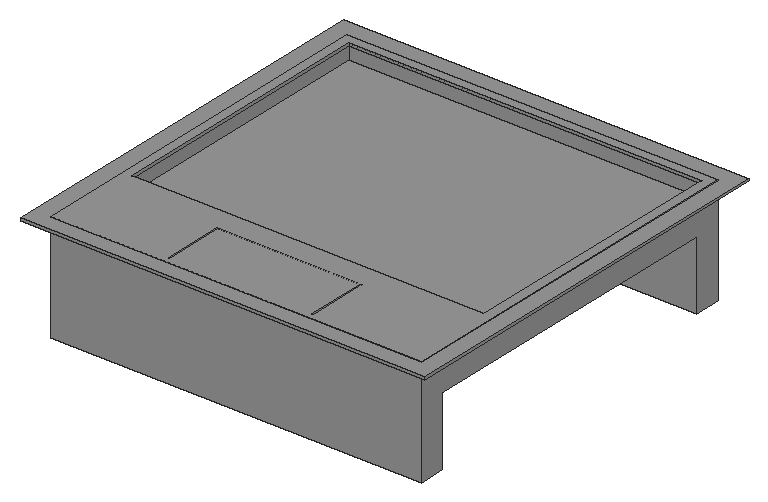
Revit family "Geräteeinsätze GES_Geräteeinsatz_GES9M-2_mit_Griffbügel", category Generic Models, Revit 2015
Parameters (values of type "GES9M-2 10U")
  Width 2 = 242.5 mm
  Width = 265 mm
  URL = "http://www.obo-bettermann.com"
  Snur width = 93 mm
  Material = Stainless Steel, Brushed
  Manufacturer Art. No. = "7405371"
  Manufacturer = "OBO Bettermann"
  Inner cut2 = 17 mm
  Inner cut = 17 mm
  Height = 69.5 mm
  GTIN = "4012196028740"
  Article Type = "GES9M2-10U"
Reference planes
  plane 1 "Center (Front/Back)": y = 0
  plane 2: z = 0
  plane 3 "Center (Left/Right)": x = 0
  plane 4: z = -69.5
  plane 5: x = -132.5
  plane 6: x = 132.5
  plane 7: y = 132.5
  plane 8: y = -132.5
  plane 9: z = 1.5
  plane 10: y = 121.25
  plane 11: y = -121.25
  plane 12: x = -121.25
  plane 13: x = 121.25
  plane 14: y = -62.5
  plane 15: y = 115.5
  plane 16: x = -115.5
  plane 17: x = 115.5
  plane 18: z = -8.5
  plane 19: x = -132.5
  plane 20: x = 132.5
  plane 21: y = -104.25
  plane 22: y = 104.25
  plane 23: z = -24.5
  plane 24: x = -46.5
  plane 25: x = 46.5
  plane 26: y = -78.5
  plane 27: x = -47.5
  plane 28: x = 47.5
  plane 29: y = -117.5
  plane 30: y = -77.5
  plane 31: y = -78.5
Forms (mm)
  Extrusion 1, solid, material "Stainless Steel, Brushed" <- "Material"
    sketch origin (0, 0, 0) x (1, 0, 0) y (0, 1, 0)
      loop
        line (-132.5, 132.5) -> (-132.5, -132.5) -> (132.5, -132.5) -> (132.5, 132.5) -> (-132.5, 132.5)
    from 1.5 to 0
  Extrusion 2, solid, material "Stainless Steel, Brushed" <- "Material"
    sketch origin (0, 0, 0) x (1, 0, 0) y (0, 1, 0)
      loop
        line (-121.25, 121.25) -> (-121.25, -121.25) -> (121.25, -121.25) -> (121.25, 121.25) -> (-121.25, 121.25)
    from -69.5 to 1.5
  Extrusion 3, void
    sketch origin (0, 0, 0) x (1, 0, 0) y (0, 1, 0)
      loop
        line (-115.5, 115.5) -> (-115.5, -62.5) -> (115.5, -62.5) -> (115.5, 115.5) -> (-115.5, 115.5)
    from -8.5 to 1.5
  Extrusion 4, void
    sketch origin (0, 0, 0) x (1, 0, 0) y (0, 1, 0)
      loop
        line (132.5, 104.25) -> (-132.5, 104.25) -> (-132.5, -104.25) -> (132.5, -104.25) -> (132.5, 104.25)
    from -69.5 to -24.5
  Extrusion 5, void
    sketch origin (0, 0, 0) x (1, 0, 0) y (0, 1, 0)
      loop
        line (-47.5, -77.5) -> (-47.5, -117.5) -> (-46.5, -117.5) -> (-46.5, -78.5) -> (46.5, -78.5) -> (46.5, -117.5) -> (47.5, -117.5) -> (47.5, -77.5) -> (-47.5, -77.5)
    from -24.5 to 1.5
Cuts and joins
  Extrusion 3, Extrusion 4, Extrusion 5 cuts Extrusion 1
  Extrusion 3, Extrusion 4, Extrusion 5 cuts Extrusion 2
Lines and regions (mm)
  model lines
    curve 1: line (-132.5, -132.5, 0) -> (-132.5, 132.5, 0)
    curve 2: line (-132.5, 132.5, 0) -> (132.5, 132.5, 0)
    curve 3: line (132.5, 132.5, 0) -> (132.5, -132.5, 0)
    curve 4: line (132.5, -132.5, 0) -> (-132.5, -132.5, 0)
    curve 5: line (-121.25, 121.25, 0) -> (121.25, 121.25, 0)
    curve 6: line (121.25, 121.25, 0) -> (121.25, -121.25, 0)
    curve 7: line (121.25, -121.25, 0) -> (-121.25, -121.25, 0)
    curve 8: line (-121.25, -121.25, 0) -> (-121.25, 121.25, 0)
    curve 9: line (-115.5, 115.5, 0) -> (115.5, 115.5, 0)
    curve 10: line (115.5, 115.5, 0) -> (115.5, -62.5, 0)
    curve 11: line (115.5, -62.5, 0) -> (-115.5, -62.5, 0)
    curve 12: line (-115.5, -62.5, 0) -> (-115.5, 115.5, 0)
    curve 13: line (-132.5, 104.25, 0) -> (-132.5, -104.25, 0)
    curve 14: line (-132.5, -104.25, 0) -> (132.5, -104.25, 0)
    curve 15: line (132.5, -104.25, 0) -> (132.5, 104.25, 0)
    curve 16: line (132.5, 104.25, 0) -> (-132.5, 104.25, 0)
    curve 17: line (-46.5, -117.5, 0) -> (-46.5, -78.5, 0)
    curve 18: line (-46.5, -78.5, 0) -> (46.5, -78.5, 0)
    curve 19: line (46.5, -78.5, 0) -> (46.5, -117.5, 0)
    curve 20: line (47.5, -117.5, 0) -> (47.5, -77.5, 0)
    curve 21: line (47.5, -77.5, 0) -> (-47.5, -77.5, 0)
    curve 22: line (-47.5, -77.5, 0) -> (-47.5, -117.5, 0)
    curve 23: line (-47.5, -117.5, 0) -> (-46.5, -117.5, 0)
    curve 24: line (46.5, -117.5, 0) -> (47.5, -117.5, 0)
    curve 25: line (0, -104.25, -69.5) -> (0, -104.25, -24.5)
    curve 26: line (0, -104.25, -24.5) -> (0, 104.25, -24.5)
Dimensions and locks
  "Height": plane 4 to level
  locked: level to plane 9 at 1.5
  locked: plane 18 to plane 9 at 10
  locked: plane 23 to plane 9 at 26
  equal spacing: plane 5, plane 3 "Center (Left/Right)", plane 6
  "Width": plane 5 to plane 6
  equal spacing: plane 7, plane 1 "Center (Front/Back)", plane 8
  "Width": plane 7 to plane 8
  equal spacing: plane 12, plane 3 "Center (Left/Right)", plane 13
  "Width 2": plane 12 to plane 13
  equal spacing: plane 10, plane 1 "Center (Front/Back)", plane 11
  "Width 2": plane 10 to plane 11
  locked: plane 21 to plane 11 at 17
  "Inner cut2": plane 10 to plane 22
  "Inner cut": plane 7 to plane 15
  locked: plane 14 to plane 8 at 70
  "Inner cut2": plane 17 to plane 6
  "Inner cut2": plane 5 to plane 16
  "Snur width": plane 24 to plane 25
  equal spacing: plane 24, plane 3 "Center (Left/Right)", plane 25
  locked: plane 27 to plane 24 at 1
  locked: plane 25 to plane 28 at 1
  locked: plane 30 to plane 31 at 1
  locked: plane 30 to plane 29 at 40
  locked: plane 14 to plane 30 at 15
  aligned and locked: level to plane 2
  aligned and locked: plane 5 to curve 1
  aligned and locked: curve 2 to plane 7
  aligned and locked: curve 3 to plane 6
  aligned and locked: plane 8 to curve 4
  aligned and locked: Extrusion 1 sketch curve to curve 2
  aligned and locked: Extrusion 1 sketch curve to curve 3
  aligned and locked: Extrusion 1 sketch curve to curve 4
  aligned and locked: Extrusion 1 sketch curve to curve 1
  aligned and locked: Extrusion 1 to plane 9
  aligned and locked: level to Extrusion 1
  aligned and locked: curve 5 to plane 10
  aligned and locked: curve 6 to plane 13
  aligned and locked: plane 11 to curve 7
  aligned and locked: curve 8 to plane 12
  aligned and locked: Extrusion 2 sketch curve to curve 5
  aligned and locked: Extrusion 2 sketch curve to curve 8
  aligned and locked: Extrusion 2 sketch curve to curve 6
  aligned and locked: Extrusion 2 sketch curve to curve 7
  aligned and locked: Extrusion 2 to plane 4
  aligned and locked: plane 9 to Extrusion 2
  aligned and locked: curve 9 to plane 15
  aligned and locked: curve 10 to plane 17
  aligned and locked: plane 14 to curve 11
  aligned and locked: plane 16 to curve 12
  aligned and locked: Extrusion 3 sketch curve to curve 9
  aligned and locked: Extrusion 3 sketch curve to curve 10
  aligned and locked: Extrusion 3 sketch curve to curve 11
  aligned and locked: Extrusion 3 sketch curve to curve 12
  aligned and locked: Extrusion 3 to plane 18
  aligned and locked: plane 9 to Extrusion 3
  aligned and locked: curve 13 to plane 19
  aligned and locked: curve 14 to plane 21
  aligned and locked: plane 20 to curve 15
  aligned and locked: curve 16 to plane 22
  aligned and locked: Extrusion 4 sketch curve to curve 16
  aligned and locked: Extrusion 4 sketch curve to curve 13
  aligned and locked: Extrusion 4 sketch curve to curve 14
  aligned and locked: Extrusion 4 sketch curve to curve 15
  aligned and locked: Extrusion 4 to plane 4
  aligned and locked: plane 23 to Extrusion 4
  aligned and locked: curve 17 to plane 24
  aligned and locked: curve 18 to plane 26
  aligned and locked: curve 19 to plane 25
  aligned and locked: curve 20 to plane 28
  aligned and locked: curve 22 to plane 27
  aligned and locked: curve 23 to plane 29
  aligned and locked: plane 29 to curve 24
  aligned and locked: Extrusion 5 sketch curve to curve 22
  aligned and locked: Extrusion 5 sketch curve to curve 17
  aligned and locked: Extrusion 5 sketch curve to curve 23
  aligned and locked: Extrusion 5 sketch curve to curve 18
  aligned and locked: Extrusion 5 sketch curve to curve 21
  aligned and locked: Extrusion 5 sketch curve to curve 19
  aligned and locked: Extrusion 5 sketch curve to curve 20
  aligned and locked: Extrusion 5 sketch curve to curve 24
  aligned and locked: Extrusion 5 to cut or joined group of Extrusion 2, Extrusion 3, Extrusion 4, Extrusion 5
  aligned and locked: plane 9 to Extrusion 5
  aligned and locked: plane 30 to curve 21
  aligned and locked: plane 31 to plane 26
  aligned and locked: curve 26 to plane 23
Automatic sketch dimensions
  curve 14 to plane 19 = 0 mm
  Extrusion 5 sketch curve to plane 27 = 0 mm
  curve 25 to plane 4 = 0 mm
  curve 25 to plane 21 = 0 mm
  curve 26 to plane 22 = 0 mm
